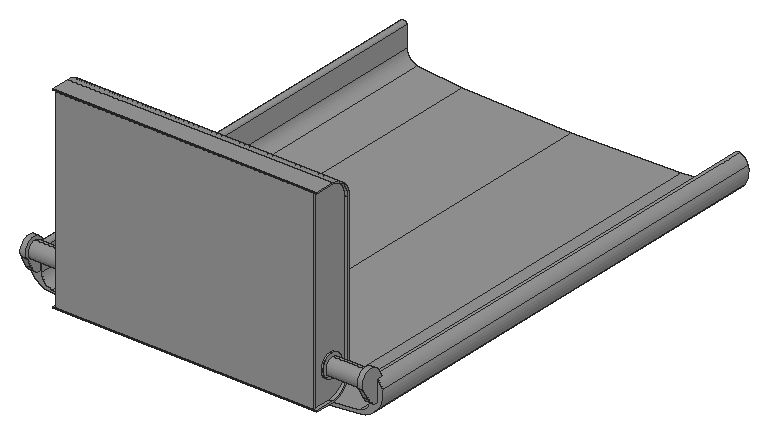
Revit family "3200 Björk Baby changing station", category Furniture Systems, host Wall, Revit 2017
Family settings
  Host = Wall
  Round Connector Dimension = Use Diameter
  Part Type = Normal
  Always vertical = Yes
  Cut with Voids When Loaded = No
  Shared = No
  Room Calculation Point = No
Parameters (values of type "OSLO")
  URL = "http://www.dandryer.dk/da-dk/produkter/produktserie-%E2%80%93-bjork/3200-bjork-puslebord--hvid"
  UP = not(Down)  # no
  Type Image = <None>
  Surface = WHITE
  Model = "Björk-3200"
  Manufacturer = "Dan Dryer"
  Down = yes
  Description = "Baby changing table"
  Cost = 0
Types (6, lengths in mm): name | URL | Model | Description
  BIRK | "http://www.dandryer.dk/da-dk/produkter/produktserie-%E2%80%93-bjork/3000-bjork-haandtoerrer--hvid" | "Björk-3000" | "Touch-free hand dryer"
  GEO WHITE | "http://www.dandryer.dk/da-dk/produkter/produktserie-%E2%80%93-bjork/3000-bjork-haandtoerrer--hvid" | "Björk-3000" | "Touch-free hand dryer"
  GRIGIO LONDRA | "http://www.dandryer.dk/da-dk/produkter/produktserie-%E2%80%93-bjork/3000-bjork-haandtoerrer--hvid" | "Björk-3000" | "Touch-free hand dryer"
  NEGRO INGO | "http://www.dandryer.dk/da-dk/produkter/produktserie-%E2%80%93-bjork/3000-bjork-haandtoerrer--hvid" | "Björk-3000" | "Touch-free hand dryer"
  OSLO | "http://www.dandryer.dk/da-dk/produkter/produktserie-%E2%80%93-bjork/3200-bjork-puslebord--hvid" | "Björk-3200" | "Baby changing table"
  BIANCO MALE | "http://www.dandryer.dk/da-dk/produkter/produktserie-%E2%80%93-bjork/3000-bjork-haandtoerrer--hvid" | "Björk-3000" | "Touch-free hand dryer"
Reference planes
  plane 1 "Wall": y = 0
  plane 2 "Center (Left/Right)": x = 125
  plane 3 "Back": y = 75
Forms (mm)
  Extrusion 1, solid, material "WHITE", not visible
    sketch origin (0, 0, 0) x (1, 0, 0) y (0, 1, 0)
      loop
        arc (42.212, 95.366) -> (42.426, 94.946) -> (42.5, 94.481) r 1.5
        line (42.5, 94.481) -> (42.5, 75.3) -> (43.7, 75.3) -> (43.7, 94.481)
        arc (43.7, 94.481) -> (43.567, 95.318) -> (43.181, 96.073) r 2.7
        arc (43.181, 96.073) -> (125, 257.1) -> (206.819, 96.073) r 101.3
        arc (206.819, 96.073) -> (206.433, 95.318) -> (206.3, 94.481) r 2.7
        line (206.3, 94.481) -> (206.3, 75.3) -> (207.5, 75.3) -> (207.5, 94.481)
        arc (207.5, 94.481) -> (207.574, 94.946) -> (207.788, 95.366) r 1.5
        arc (207.788, 95.366) -> (125, 258.3) -> (42.212, 95.366) r 102.5
    from 900 to 1230
  Extrusion 2, void, not visible
    sketch origin (207.5, 94.481, 0) x (0, 1, 0) y (0, 0, -1)
      loop
        line (-19.181, -1225) -> (-19.181, -1230) -> (6.154, -1230)
        arc (6.154, -1230) -> (3.068, -1228.36) -> (2.105, -1225) r 4.47
        line (2.105, -1225) -> (-19.181, -1225)
    from -10.952 to 170.161
  Extrusion 3, void, not visible
    sketch origin (207.5, 94.481, 2130) x (0, 1, 0) y (0, 0, -1)
      loop
        line (-19.181, 1225) -> (2.105, 1225)
        arc (2.105, 1225) -> (3.068, 1228.36) -> (6.154, 1230) r 4.47
        line (6.154, 1230) -> (-19.181, 1230) -> (-19.181, 1225)
    from -6 to 179.451
  Extrusion 4, solid, not visible
    sketch origin (207.5, 75.3, 907) x (0, 1, 0) y (-1, 0, 0)
      loop
        line (0, 163.8) -> (0, 1.2) -> (19.181, 1.2)
        arc (19.181, 1.2) -> (20.018, 1.067) -> (20.773, 0.681) r 2.7
        arc (20.773, 0.681) -> (181.8, 82.5) -> (20.773, 164.319) r 101.3
        arc (20.773, 164.319) -> (20.018, 163.933) -> (19.181, 163.8) r 2.7
        line (19.181, 163.8) -> (0, 163.8)
    from 0 to -2
  Extrusion 5, void, not visible
    sketch origin (206.3, 75.3, 0) x (-1, 0, 0) y (0, 0, 1)
      loop
        arc (83.312, 976) -> (81.303, 978.014) -> (79.288, 976) r 2.012
        line (79.288, 976) -> (79.285, 930)
        arc (79.285, 930) -> (81.297, 927.986) -> (83.312, 930) r 2.012
        line (83.312, 930) -> (83.312, 976)
    from 174.915 to 189.234
  Extrusion 6, solid, not visible
    sketch origin (206.3, 75.3, 0) x (1, 0, 0) y (0, 0, 1)
      loop
        line (-83.312, 975.984) -> (-83.312, 930)
        arc (-83.312, 930) -> (-81.291, 928.118) -> (-79.287, 930.016) r 2.015
        line (-79.287, 930.016) -> (-79.288, 976)
        arc (-79.288, 976) -> (-81.309, 977.882) -> (-83.312, 975.984) r 2.015
    from -182.98 to -174.915
  Extrusion 7, solid, not visible
    sketch origin (0, 0, 0) x (1, 0, 0) y (0, 1, 0)
      loop
        arc (42.212, 95.366) -> (42.426, 94.946) -> (42.5, 94.481) r 1.5
        line (42.5, 94.481) -> (42.5, 75.3) -> (43.7, 75.3) -> (43.7, 94.481)
        arc (43.7, 94.481) -> (43.567, 95.318) -> (43.181, 96.073) r 2.7
        arc (43.181, 96.073) -> (125, 257.1) -> (206.819, 96.073) r 101.3
        arc (206.819, 96.073) -> (206.433, 95.318) -> (206.3, 94.481) r 2.7
        line (206.3, 94.481) -> (206.3, 75.3) -> (207.5, 75.3) -> (207.5, 94.481)
        arc (207.5, 94.481) -> (207.574, 94.946) -> (207.788, 95.366) r 1.5
        arc (207.788, 95.366) -> (125, 258.3) -> (42.212, 95.366) r 102.5
    from 900 to 1230
Text (mm)
  text "Placement Side" at (-1848.837, 1116.779, 0), in view "Ref. Level"
  text "Placement side" at (0, 1409.804, 2854.306), in view "Left"
  text "Placement side" at (0, 499.811, 2980.732), in view "Right"
Dimensions and locks
  locked: plane 3 "Back" to host wall
  aligned and locked: plane 1 "Wall" to host wall
  aligned and locked: plane 3 "Back" to nested 1
  aligned and locked: host wall to nested 1
Nested families
  nested 1: "Master changing table" at (125, 75, 1100), type "Master changing table"
    with Table up no
Definition of nested family "Master changing table"
  Parameters (values of type "Master changing table")
    Table up = yes
    Table down = yes
    Surface = none
  Reference planes
    plane 1 "Center (Front/Back)": y = 0
    plane 2: z = 0
    plane 3 "Center (Left/Right)": x = 0
  Forms (mm)
    Extrusion 1, solid, material <- "Surface"
      sketch origin (205, 367.912, 256.022) x (0, 1, 0) y (0, 0, 1)
        loop
          line (-368.006, 0) -> (-368.006, -1.5) -> (-337.756, -1.5)
          arc (-337.756, -1.5) -> (-316.543, -10.287) -> (-307.756, -31.5) r 30
          line (-307.756, -31.5) -> (-307.756, -273.5)
          arc (-307.756, -273.5) -> (-316.543, -294.713) -> (-337.756, -303.5) r 30
          line (-337.756, -303.5) -> (-368.006, -303.5) -> (-368.006, -305) -> (-337.756, -305)
          arc (-337.756, -305) -> (-315.482, -295.774) -> (-306.256, -273.5) r 31.5
          line (-306.256, -273.5) -> (-306.256, -31.5)
          arc (-306.256, -31.5) -> (-315.482, -9.226) -> (-337.756, 0) r 31.5
          line (-337.756, 0) -> (-368.006, 0)
      from -410.457 to 0.457
    Extrusion 2, solid, material <- "Surface"
      sketch origin (-200, 30.056, 103.522) x (0, -1, 0) y (0, 0, 1)
        loop
          line (28.149, 150) -> (0.649, 150)
          arc (0.649, 150) -> (-20.564, 141.213) -> (-29.351, 120) r 30
          line (-29.351, 120) -> (-29.351, -120)
          arc (-29.351, -120) -> (-20.564, -141.213) -> (0.649, -150) r 30
          line (0.649, -150) -> (28.149, -150) -> (28.149, 150)
      from 0 to -1.5
    Extrusion 3, solid, material <- "Surface"
      sketch origin (200, 30.056, 103.522) x (0, -1, 0) y (0, 0, -1)
        loop
          line (28.149, -150) -> (28.149, 150) -> (0.649, 150)
          arc (0.649, 150) -> (-20.564, 141.213) -> (-29.351, 120) r 30
          line (-29.351, 120) -> (-29.351, -120)
          arc (-29.351, -120) -> (-20.564, -141.213) -> (0.649, -150) r 30
          line (0.649, -150) -> (28.149, -150)
      from 0 to -1.5
    Extrusion 4, solid, material <- "Surface", visible <- "Table down"
      sketch origin (0, 750.106, -53.254) x (-1, 0, 0) y (0, 0, 1)
        loop
          line (-255, 19.726) -> (-255, 51.373)
          arc (-255, 51.373) -> (-257.243, 55.544) -> (-261.96, 55.973) r 5
          arc (-261.96, 55.973) -> (-270.039, 50.067) -> (-274.685, 41.203) r 22.097
          arc (-274.685, 41.203) -> (-275.07, 26.076) -> (-268.731, 12.336) r 33.351
          arc (-268.731, 12.336) -> (-256.485, 1.616) -> (-241.13, -3.778) r 42.947
          arc (-241.13, -3.778) -> (-205.836, -8.031) -> (-170.362, -10.357) r 652.663
          arc (-170.362, -10.357) -> (-85.196, -12.728) -> (0, -13.33) r 4102.572
          arc (0, -13.33) -> (85.196, -12.728) -> (170.362, -10.357) r 4102.572
          arc (170.362, -10.357) -> (205.836, -8.031) -> (241.13, -3.778) r 652.663
          arc (241.13, -3.778) -> (256.485, 1.616) -> (268.731, 12.336) r 42.947
          arc (268.731, 12.336) -> (275.07, 26.076) -> (274.685, 41.203) r 33.351
          arc (274.685, 41.203) -> (270.039, 50.067) -> (261.96, 55.973) r 22.097
          arc (261.96, 55.973) -> (257.243, 55.544) -> (255, 51.373) r 5
          line (255, 51.373) -> (255, 19.726)
          arc (255, 19.726) -> (250.375, 7.3) -> (238.751, 0.923) r 19.004
          arc (238.751, 0.923) -> (204.558, -3.146) -> (170.196, -5.363) r 637.149
          arc (170.196, -5.363) -> (85.113, -7.758) -> (0, -8.582) r 4609.967
          arc (0, -8.582) -> (-85.113, -7.758) -> (-170.196, -5.363) r 4609.967
          arc (-170.196, -5.363) -> (-204.558, -3.146) -> (-238.751, 0.923) r 637.149
          arc (-238.751, 0.923) -> (-250.375, 7.3) -> (-255, 19.726) r 19.004
      from -709.566 to 0
    Extrusion 5, solid, material <- "Surface", visible <- "Table down"
      sketch origin (258, 29.906, 2.522) x (0, 0, 1) y (0, 1, 0)
        loop
          line (8.4, 14.549) -> (-2.6, 20.9)
          arc (-2.6, 20.9) -> (-4.503, 22.803) -> (-5.2, 25.403) r 5.2
          line (-5.2, 25.403) -> (-5.2, 41.674) -> (-6, 41.383) -> (-6, 177.6)
          arc (-6, 177.6) -> (-6.879, 179.721) -> (-9, 180.6) r 3
          line (-9, 180.6) -> (-33, 180.6)
          arc (-33, 180.6) -> (-35.121, 179.721) -> (-36, 177.6) r 3
          line (-36, 177.6) -> (-36, 30.464) -> (-36.8, 30.172) -> (-36.8, 16.166)
          arc (-36.8, 16.166) -> (-33.477, 3.766) -> (-24.4, -5.312) r 24.8
          line (-24.4, -5.312) -> (-8.4, -14.549)
          arc (-8.4, -14.549) -> (14.549, -8.4) -> (8.4, 14.549) r 16.8
      from -8 to 0
    Extrusion 6, solid, material <- "Surface", visible <- "Table down"
      sketch origin (-266, 29.906, 2.522) x (0, 0, 1) y (0, 1, 0)
        loop
          line (8.4, 14.549) -> (-2.6, 20.9)
          arc (-2.6, 20.9) -> (-4.503, 22.803) -> (-5.2, 25.403) r 5.2
          line (-5.2, 25.403) -> (-5.2, 41.674) -> (-6, 41.383) -> (-6, 177.6)
          arc (-6, 177.6) -> (-6.879, 179.721) -> (-9, 180.6) r 3
          line (-9, 180.6) -> (-33, 180.6)
          arc (-33, 180.6) -> (-35.121, 179.721) -> (-36, 177.6) r 3
          line (-36, 177.6) -> (-36, 30.464) -> (-36.8, 30.172) -> (-36.8, 16.166)
          arc (-36.8, 16.166) -> (-33.477, 3.766) -> (-24.4, -5.312) r 24.8
          line (-24.4, -5.312) -> (-8.4, -14.549)
          arc (-8.4, -14.549) -> (14.549, -8.4) -> (8.4, 14.549) r 16.8
      from -8 to 0
    Extrusion 7, solid, material <- "Surface"
      sketch origin (-258, 31.072, 1.856) x (0, 0, -1) y (0, 1, 0)
        loop
          circle (-0.065, 0.035) r 17.549
      from 53 to 462.5
    Extrusion 8, solid, material <- "Surface", visible <- "Table up"
      sketch origin (0, 85.702, 722.747) x (-1, 0, 0) y (0, -1, 0)
        loop
          line (-255, 19.726) -> (-255, 51.373)
          arc (-255, 51.373) -> (-257.243, 55.544) -> (-261.96, 55.973) r 5
          arc (-261.96, 55.973) -> (-270.039, 50.067) -> (-274.685, 41.203) r 22.097
          arc (-274.685, 41.203) -> (-275.07, 26.076) -> (-268.731, 12.336) r 33.351
          arc (-268.731, 12.336) -> (-256.485, 1.616) -> (-241.13, -3.778) r 42.947
          arc (-241.13, -3.778) -> (-205.836, -8.031) -> (-170.362, -10.357) r 652.663
          arc (-170.362, -10.357) -> (-85.196, -12.728) -> (0, -13.33) r 4102.572
          arc (0, -13.33) -> (85.196, -12.728) -> (170.362, -10.357) r 4102.572
          arc (170.362, -10.357) -> (205.836, -8.031) -> (241.13, -3.778) r 652.663
          arc (241.13, -3.778) -> (256.485, 1.616) -> (268.731, 12.336) r 42.947
          arc (268.731, 12.336) -> (275.07, 26.076) -> (274.685, 41.203) r 33.351
          arc (274.685, 41.203) -> (270.039, 50.067) -> (261.96, 55.973) r 22.097
          arc (261.96, 55.973) -> (257.243, 55.544) -> (255, 51.373) r 5
          line (255, 51.373) -> (255, 19.726)
          arc (255, 19.726) -> (250.375, 7.3) -> (238.751, 0.923) r 19.004
          arc (238.751, 0.923) -> (204.558, -3.146) -> (170.196, -5.363) r 637.149
          arc (170.196, -5.363) -> (85.113, -7.758) -> (0, -8.582) r 4609.967
          arc (0, -8.582) -> (-85.113, -7.758) -> (-170.196, -5.363) r 4609.967
          arc (-170.196, -5.363) -> (-204.558, -3.146) -> (-238.751, 0.923) r 637.149
          arc (-238.751, 0.923) -> (-250.375, 7.3) -> (-255, 19.726) r 19.004
      from -709.566 to 0
    Extrusion 9, solid, material <- "Surface", visible <- "Table up"
      sketch origin (258, 29.925, 2.547) x (0, -1, 0) y (0, 0, 1)
        loop
          line (8.4, 14.549) -> (-2.6, 20.9)
          arc (-2.6, 20.9) -> (-4.503, 22.803) -> (-5.2, 25.403) r 5.2
          line (-5.2, 25.403) -> (-5.2, 41.674) -> (-6, 41.383) -> (-6, 177.6)
          arc (-6, 177.6) -> (-6.879, 179.721) -> (-9, 180.6) r 3
          line (-9, 180.6) -> (-33, 180.6)
          arc (-33, 180.6) -> (-35.121, 179.721) -> (-36, 177.6) r 3
          line (-36, 177.6) -> (-36, 30.464) -> (-36.8, 30.172) -> (-36.8, 16.166)
          arc (-36.8, 16.166) -> (-33.477, 3.766) -> (-24.4, -5.312) r 24.8
          line (-24.4, -5.312) -> (-8.4, -14.549)
          arc (-8.4, -14.549) -> (14.549, -8.4) -> (8.4, 14.549) r 16.8
      from -8 to 0
    Extrusion 10, solid, material <- "Surface", visible <- "Table up"
      sketch origin (-266, 29.925, 2.547) x (0, -1, 0) y (0, 0, 1)
        loop
          line (8.4, 14.549) -> (-2.6, 20.9)
          arc (-2.6, 20.9) -> (-4.503, 22.803) -> (-5.2, 25.403) r 5.2
          line (-5.2, 25.403) -> (-5.2, 41.674) -> (-6, 41.383) -> (-6, 177.6)
          arc (-6, 177.6) -> (-6.879, 179.721) -> (-9, 180.6) r 3
          line (-9, 180.6) -> (-33, 180.6)
          arc (-33, 180.6) -> (-35.121, 179.721) -> (-36, 177.6) r 3
          line (-36, 177.6) -> (-36, 30.464) -> (-36.8, 30.172) -> (-36.8, 16.166)
          arc (-36.8, 16.166) -> (-33.477, 3.766) -> (-24.4, -5.312) r 24.8
          line (-24.4, -5.312) -> (-8.4, -14.549)
          arc (-8.4, -14.549) -> (14.549, -8.4) -> (8.4, 14.549) r 16.8
      from -8 to 0
    Extrusion 11, solid, material <- "Surface"
      sketch origin (-258, 30.572, 1.856) x (0, 0, -1) y (0, 1, 0)
        loop
          circle (-0.065, 0.035) r 13.035
      from 0 to 516
    Extrusion 12, solid, material <- "Surface"
      sketch origin (-258, 30.572, 1.856) x (0, 0, -1) y (0, 1, 0)
        loop
          circle (-0.065, 0.035) r 16.835
      from 54.88 to 461.953
    Extrusion 13, solid, material <- "Surface"
      sketch origin (-5125, -0.094, -947.478) x (-1, 0, 0) y (0, 0, 1)
        loop
          line (-5325, 1202) -> (-5325, 900) -> (-4925, 900) -> (-4925, 1202) -> (-5325, 1202)
      from 0 to 2
    Extrusion 14, solid, not visible
      sketch origin (-5000, 75, 0) x (-1, 0, 0) y (0, 0, 1)
        loop
          line (-5325, 1202) -> (-5325, 900) -> (-4925, 900) -> (-4925, 1202) -> (-5325, 1202)
      from 0 to 2
    Extrusion 15, solid, not visible
      sketch origin (330, 443.006, 1203.5) x (0, 1, 0) y (0, 0, 1)
        loop
          line (-368.006, 0) -> (-368.006, -1.5) -> (-337.756, -1.5)
          arc (-337.756, -1.5) -> (-316.543, -10.287) -> (-307.756, -31.5) r 30
          line (-307.756, -31.5) -> (-307.756, -273.5)
          arc (-307.756, -273.5) -> (-316.543, -294.713) -> (-337.756, -303.5) r 30
          line (-337.756, -303.5) -> (-368.006, -303.5) -> (-368.006, -305) -> (-337.756, -305)
          arc (-337.756, -305) -> (-315.482, -295.774) -> (-306.256, -273.5) r 31.5
          line (-306.256, -273.5) -> (-306.256, -31.5)
          arc (-306.256, -31.5) -> (-315.482, -9.226) -> (-337.756, 0) r 31.5
          line (-337.756, 0) -> (-368.006, 0)
      from -410.457 to 0.457
    Sweep 16, void, not visible
      path origin (330, 443.006, 1203.5) x (0, 1, 0) y (0, 0, 1)
        loop
          line (-368.006, -305) -> (-337.756, -305)
          arc (-337.756, -305) -> (-315.482, -295.774) -> (-306.256, -273.5) r 31.5
          line (-306.256, -273.5) -> (-306.256, -31.5)
          arc (-306.256, -31.5) -> (-315.482, -9.226) -> (-337.756, 0) r 31.5
          line (-337.756, 0) -> (-368.006, 0)
      profile origin (330, 90.125, 1203.5) x (0, 0, -1) y (1, 0, 0)
        loop
          line (0, 0.457) -> (0, -0.75)
          arc (0, -0.75) -> (0.75, 0) -> (1.5, -0.75) r 0.75
          line (1.5, -0.75) -> (1.5, 0.457) -> (0, 0.457)
    Sweep 17, void, not visible
      path origin (-80, 443.006, 1203.5) x (0, 1, 0) y (0, 0, -1)
        loop
          line (-368.006, 305) -> (-337.756, 305)
          arc (-337.756, 305) -> (-315.482, 295.774) -> (-306.256, 273.5) r 31.5
          line (-306.256, 273.5) -> (-306.256, 31.5)
          arc (-306.256, 31.5) -> (-315.482, 9.226) -> (-337.756, 0) r 31.5
          line (-337.756, 0) -> (-368.006, 0)
      profile origin (-80, 90.125, 1203.5) x (0, 0, 1) y (-1, 0, 0)
        loop
          line (0, 0.457) -> (-1.5, 0.457) -> (-1.5, -0.75)
          arc (-1.5, -0.75) -> (-0.75, 0) -> (0, -0.75) r 0.75
          line (0, -0.75) -> (0, 0.457)
    Extrusion 18, solid, not visible
      sketch origin (-75, 105.149, 1051) x (0, -1, 0) y (0, 0, 1)
        loop
          line (28.149, 150) -> (0.649, 150)
          arc (0.649, 150) -> (-20.564, 141.213) -> (-29.351, 120) r 30
          line (-29.351, 120) -> (-29.351, -120)
          arc (-29.351, -120) -> (-20.564, -141.213) -> (0.649, -150) r 30
          line (0.649, -150) -> (28.149, -150) -> (28.149, 150)
      from 0 to -1.5
    Extrusion 19, solid, not visible
      sketch origin (325, 105.149, 1051) x (0, -1, 0) y (0, 0, -1)
        loop
          line (28.149, -150) -> (28.149, 150) -> (0.649, 150)
          arc (0.649, 150) -> (-20.564, 141.213) -> (-29.351, 120) r 30
          line (-29.351, 120) -> (-29.351, -120)
          arc (-29.351, -120) -> (-20.564, -141.213) -> (0.649, -150) r 30
          line (0.649, -150) -> (28.149, -150)
      from 0 to -1.5
    Extrusion 20, void, not visible
      sketch origin (-75, 105.149, 1051) x (0, 1, 0) y (0, 0, 1)
        loop
          circle (-0.114, -100.935) r 17.549
      from 404.5 to -5
    Extrusion 21, solid, visible <- "Table down", not visible
      sketch origin (125, 825.199, 894.224) x (-1, 0, 0) y (0, 0, 1)
        loop
          line (-255, 19.726) -> (-255, 51.373)
          arc (-255, 51.373) -> (-257.243, 55.544) -> (-261.96, 55.973) r 5
          arc (-261.96, 55.973) -> (-270.039, 50.067) -> (-274.685, 41.203) r 22.097
          arc (-274.685, 41.203) -> (-275.07, 26.076) -> (-268.731, 12.336) r 33.351
          arc (-268.731, 12.336) -> (-256.485, 1.616) -> (-241.13, -3.778) r 42.947
          arc (-241.13, -3.778) -> (-205.836, -8.031) -> (-170.362, -10.357) r 652.663
          arc (-170.362, -10.357) -> (-85.196, -12.728) -> (0, -13.33) r 4102.572
          arc (0, -13.33) -> (85.196, -12.728) -> (170.362, -10.357) r 4102.572
          arc (170.362, -10.357) -> (205.836, -8.031) -> (241.13, -3.778) r 652.663
          arc (241.13, -3.778) -> (256.485, 1.616) -> (268.731, 12.336) r 42.947
          arc (268.731, 12.336) -> (275.07, 26.076) -> (274.685, 41.203) r 33.351
          arc (274.685, 41.203) -> (270.039, 50.067) -> (261.96, 55.973) r 22.097
          arc (261.96, 55.973) -> (257.243, 55.544) -> (255, 51.373) r 5
          line (255, 51.373) -> (255, 19.726)
          arc (255, 19.726) -> (250.375, 7.3) -> (238.751, 0.923) r 19.004
          arc (238.751, 0.923) -> (204.558, -3.146) -> (170.196, -5.363) r 637.149
          arc (170.196, -5.363) -> (85.113, -7.758) -> (0, -8.582) r 4609.967
          arc (0, -8.582) -> (-85.113, -7.758) -> (-170.196, -5.363) r 4609.967
          arc (-170.196, -5.363) -> (-204.558, -3.146) -> (-238.751, 0.923) r 637.149
          arc (-238.751, 0.923) -> (-250.375, 7.3) -> (-255, 19.726) r 19.004
      from -709.566 to 0
    Sweep 22, void, not visible
      path origin (125, 825.199, 894.224) x (-1, 0, 0) y (0, 0, 1)
        loop
          arc (-261.96, 55.973) -> (-270.039, 50.067) -> (-274.685, 41.203) r 22.097
          arc (-274.685, 41.203) -> (-275.07, 26.076) -> (-268.731, 12.336) r 33.351
          arc (-268.731, 12.336) -> (-256.485, 1.616) -> (-241.13, -3.778) r 42.947
          arc (-241.13, -3.778) -> (-205.836, -8.031) -> (-170.362, -10.357) r 652.663
          arc (-170.362, -10.357) -> (-85.196, -12.728) -> (0, -13.33) r 4102.572
          arc (0, -13.33) -> (85.196, -12.728) -> (170.362, -10.357) r 4102.572
          arc (170.362, -10.357) -> (205.836, -8.031) -> (241.13, -3.778) r 652.663
          arc (241.13, -3.778) -> (256.485, 1.616) -> (268.731, 12.336) r 42.947
          arc (268.731, 12.336) -> (275.07, 26.076) -> (274.685, 41.203) r 33.351
          arc (274.685, 41.203) -> (270.039, 50.067) -> (261.96, 55.973) r 22.097
          arc (261.96, 55.973) -> (257.243, 55.544) -> (255, 51.373) r 5
          line (255, 51.373) -> (255, 19.726)
          arc (255, 19.726) -> (250.375, 7.3) -> (238.751, 0.923) r 19.004
          arc (238.751, 0.923) -> (204.558, -3.146) -> (170.196, -5.363) r 637.149
          arc (170.196, -5.363) -> (85.113, -7.758) -> (0, -8.582) r 4609.967
          arc (0, -8.582) -> (-85.113, -7.758) -> (-170.196, -5.363) r 4609.967
          arc (-170.196, -5.363) -> (-204.558, -3.146) -> (-238.751, 0.923) r 637.149
          arc (-238.751, 0.923) -> (-250.375, 7.3) -> (-255, 19.726) r 19.004
          line (-255, 19.726) -> (-255, 51.373)
          arc (-255, 51.373) -> (-257.243, 55.544) -> (-261.96, 55.973) r 5
      profile origin (395.039, 825.199, 944.291) x (-0.757606, 0, -0.652712) y (0, 1, 0)
        loop
          arc (0, -1.006) -> (0.295, -0.295) -> (1.006, 0) r 1.006
          line (1.006, 0) -> (0, 0) -> (0, -1.006)
    Extrusion 23, void, not visible
      sketch origin (-141, 105, 950) x (0, 0, 1) y (0, 1, 0)
        loop
          line (-93.281, 10.633) -> (14.517, 10.633) -> (14.517, 49.868) -> (-93.281, 10.633)
      from -603.294 to 94
    Extrusion 24, solid, visible <- "Table down", not visible
      sketch origin (383, 105, 950) x (0, 0, 1) y (0, 1, 0)
        loop
          line (8.4, 14.549) -> (-2.6, 20.9)
          arc (-2.6, 20.9) -> (-4.503, 22.803) -> (-5.2, 25.403) r 5.2
          line (-5.2, 25.403) -> (-5.2, 41.674) -> (-6, 41.383) -> (-6, 177.6)
          arc (-6, 177.6) -> (-6.879, 179.721) -> (-9, 180.6) r 3
          line (-9, 180.6) -> (-33, 180.6)
          arc (-33, 180.6) -> (-35.121, 179.721) -> (-36, 177.6) r 3
          line (-36, 177.6) -> (-36, 30.464) -> (-36.8, 30.172) -> (-36.8, 16.166)
          arc (-36.8, 16.166) -> (-33.477, 3.766) -> (-24.4, -5.312) r 24.8
          line (-24.4, -5.312) -> (-8.4, -14.549)
          arc (-8.4, -14.549) -> (14.549, -8.4) -> (8.4, 14.549) r 16.8
      from -8 to 0
    Extrusion 25, solid, visible <- "Table down", not visible
      sketch origin (-141, 105, 950) x (0, 0, 1) y (0, 1, 0)
        loop
          line (8.4, 14.549) -> (-2.6, 20.9)
          arc (-2.6, 20.9) -> (-4.503, 22.803) -> (-5.2, 25.403) r 5.2
          line (-5.2, 25.403) -> (-5.2, 41.674) -> (-6, 41.383) -> (-6, 177.6)
          arc (-6, 177.6) -> (-6.879, 179.721) -> (-9, 180.6) r 3
          line (-9, 180.6) -> (-33, 180.6)
          arc (-33, 180.6) -> (-35.121, 179.721) -> (-36, 177.6) r 3
          line (-36, 177.6) -> (-36, 30.464) -> (-36.8, 30.172) -> (-36.8, 16.166)
          arc (-36.8, 16.166) -> (-33.477, 3.766) -> (-24.4, -5.312) r 24.8
          line (-24.4, -5.312) -> (-8.4, -14.549)
          arc (-8.4, -14.549) -> (14.549, -8.4) -> (8.4, 14.549) r 16.8
      from -8 to 0
    Extrusion 26, solid, not visible
      sketch origin (-133, 106.166, 949.334) x (0, 0, -1) y (0, 1, 0)
        loop
          circle (-0.065, 0.035) r 17.549
      from 53 to 462.5
    Extrusion 27, solid, visible <- "Table up", not visible
      sketch origin (125, 160.795, 1670.224) x (-1, 0, 0) y (0, -1, 0)
        loop
          line (-255, 19.726) -> (-255, 51.373)
          arc (-255, 51.373) -> (-257.243, 55.544) -> (-261.96, 55.973) r 5
          arc (-261.96, 55.973) -> (-270.039, 50.067) -> (-274.685, 41.203) r 22.097
          arc (-274.685, 41.203) -> (-275.07, 26.076) -> (-268.731, 12.336) r 33.351
          arc (-268.731, 12.336) -> (-256.485, 1.616) -> (-241.13, -3.778) r 42.947
          arc (-241.13, -3.778) -> (-205.836, -8.031) -> (-170.362, -10.357) r 652.663
          arc (-170.362, -10.357) -> (-85.196, -12.728) -> (0, -13.33) r 4102.572
          arc (0, -13.33) -> (85.196, -12.728) -> (170.362, -10.357) r 4102.572
          arc (170.362, -10.357) -> (205.836, -8.031) -> (241.13, -3.778) r 652.663
          arc (241.13, -3.778) -> (256.485, 1.616) -> (268.731, 12.336) r 42.947
          arc (268.731, 12.336) -> (275.07, 26.076) -> (274.685, 41.203) r 33.351
          arc (274.685, 41.203) -> (270.039, 50.067) -> (261.96, 55.973) r 22.097
          arc (261.96, 55.973) -> (257.243, 55.544) -> (255, 51.373) r 5
          line (255, 51.373) -> (255, 19.726)
          arc (255, 19.726) -> (250.375, 7.3) -> (238.751, 0.923) r 19.004
          arc (238.751, 0.923) -> (204.558, -3.146) -> (170.196, -5.363) r 637.149
          arc (170.196, -5.363) -> (85.113, -7.758) -> (0, -8.582) r 4609.967
          arc (0, -8.582) -> (-85.113, -7.758) -> (-170.196, -5.363) r 4609.967
          arc (-170.196, -5.363) -> (-204.558, -3.146) -> (-238.751, 0.923) r 637.149
          arc (-238.751, 0.923) -> (-250.375, 7.3) -> (-255, 19.726) r 19.004
      from -709.566 to 0
    Sweep 28, void, not visible
      path origin (125, 160.795, 1670.224) x (-1, 0, 0) y (0, -1, 0)
        loop
          arc (-261.96, 55.973) -> (-270.039, 50.067) -> (-274.685, 41.203) r 22.097
          arc (-274.685, 41.203) -> (-275.07, 26.076) -> (-268.731, 12.336) r 33.351
          arc (-268.731, 12.336) -> (-256.485, 1.616) -> (-241.13, -3.778) r 42.947
          arc (-241.13, -3.778) -> (-205.836, -8.031) -> (-170.362, -10.357) r 652.663
          arc (-170.362, -10.357) -> (-85.196, -12.728) -> (0, -13.33) r 4102.572
          arc (0, -13.33) -> (85.196, -12.728) -> (170.362, -10.357) r 4102.572
          arc (170.362, -10.357) -> (205.836, -8.031) -> (241.13, -3.778) r 652.663
          arc (241.13, -3.778) -> (256.485, 1.616) -> (268.731, 12.336) r 42.947
          arc (268.731, 12.336) -> (275.07, 26.076) -> (274.685, 41.203) r 33.351
          arc (274.685, 41.203) -> (270.039, 50.067) -> (261.96, 55.973) r 22.097
          arc (261.96, 55.973) -> (257.243, 55.544) -> (255, 51.373) r 5
          line (255, 51.373) -> (255, 19.726)
          arc (255, 19.726) -> (250.375, 7.3) -> (238.751, 0.923) r 19.004
          arc (238.751, 0.923) -> (204.558, -3.146) -> (170.196, -5.363) r 637.149
          arc (170.196, -5.363) -> (85.113, -7.758) -> (0, -8.582) r 4609.967
          arc (0, -8.582) -> (-85.113, -7.758) -> (-170.196, -5.363) r 4609.967
          arc (-170.196, -5.363) -> (-204.558, -3.146) -> (-238.751, 0.923) r 637.149
          arc (-238.751, 0.923) -> (-250.375, 7.3) -> (-255, 19.726) r 19.004
          line (-255, 19.726) -> (-255, 51.373)
          arc (-255, 51.373) -> (-257.243, 55.544) -> (-261.96, 55.973) r 5
      profile origin (395.039, 110.728, 1670.224) x (-0.757606, 0.652712, 0) y (0, 0, 1)
        loop
          arc (0, -1.006) -> (0.295, -0.295) -> (1.006, 0) r 1.006
          line (1.006, 0) -> (0, 0) -> (0, -1.006)
    Extrusion 29, void, not visible
      sketch origin (-141, 105.019, 950.025) x (0, -1, 0) y (0, 0, 1)
        loop
          line (-93.281, 10.633) -> (14.517, 10.633) -> (14.517, 49.868) -> (-93.281, 10.633)
      from -603.294 to 94
    Extrusion 30, solid, visible <- "Table up", not visible
      sketch origin (383, 105.019, 950.025) x (0, -1, 0) y (0, 0, 1)
        loop
          line (8.4, 14.549) -> (-2.6, 20.9)
          arc (-2.6, 20.9) -> (-4.503, 22.803) -> (-5.2, 25.403) r 5.2
          line (-5.2, 25.403) -> (-5.2, 41.674) -> (-6, 41.383) -> (-6, 177.6)
          arc (-6, 177.6) -> (-6.879, 179.721) -> (-9, 180.6) r 3
          line (-9, 180.6) -> (-33, 180.6)
          arc (-33, 180.6) -> (-35.121, 179.721) -> (-36, 177.6) r 3
          line (-36, 177.6) -> (-36, 30.464) -> (-36.8, 30.172) -> (-36.8, 16.166)
          arc (-36.8, 16.166) -> (-33.477, 3.766) -> (-24.4, -5.312) r 24.8
          line (-24.4, -5.312) -> (-8.4, -14.549)
          arc (-8.4, -14.549) -> (14.549, -8.4) -> (8.4, 14.549) r 16.8
      from -8 to 0
    Extrusion 31, solid, visible <- "Table up", not visible
      sketch origin (-141, 105.019, 950.025) x (0, -1, 0) y (0, 0, 1)
        loop
          line (8.4, 14.549) -> (-2.6, 20.9)
          arc (-2.6, 20.9) -> (-4.503, 22.803) -> (-5.2, 25.403) r 5.2
          line (-5.2, 25.403) -> (-5.2, 41.674) -> (-6, 41.383) -> (-6, 177.6)
          arc (-6, 177.6) -> (-6.879, 179.721) -> (-9, 180.6) r 3
          line (-9, 180.6) -> (-33, 180.6)
          arc (-33, 180.6) -> (-35.121, 179.721) -> (-36, 177.6) r 3
          line (-36, 177.6) -> (-36, 30.464) -> (-36.8, 30.172) -> (-36.8, 16.166)
          arc (-36.8, 16.166) -> (-33.477, 3.766) -> (-24.4, -5.312) r 24.8
          line (-24.4, -5.312) -> (-8.4, -14.549)
          arc (-8.4, -14.549) -> (14.549, -8.4) -> (8.4, 14.549) r 16.8
      from -8 to 0
    Extrusion 32, solid, not visible
      sketch origin (-133, 105.666, 949.334) x (0, 0, -1) y (0, 1, 0)
        loop
          circle (-0.065, 0.035) r 13.035
      from 0 to 516
    Extrusion 33, solid, not visible
      sketch origin (-133, 105.666, 949.334) x (0, 0, -1) y (0, 1, 0)
        loop
          circle (-0.065, 0.035) r 16.835
      from 54.88 to 461.953
  Lines and regions (mm)
    reference lines, not visible
      curve 1: line (125, 825.199, 1226.874) -> (125, 825.199, 885.642)
      curve 2: line (125, 419.974, 1670.224) -> (125, -185.026, 1670.224)
  Dimensions and locks
    locked: Extrusion 13 to Extrusion 13 at 2
    aligned and locked: level to plane 2
    aligned and locked: Extrusion 3 to Extrusion 13
